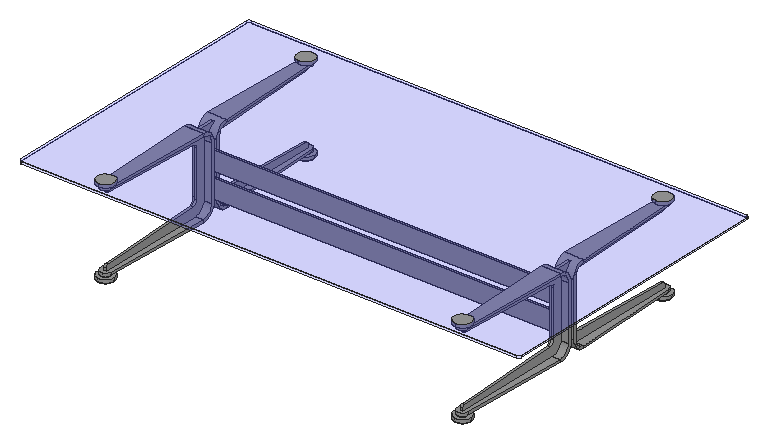
Revit family "Floyd Hi tavolino h30", category Arredi, Revit 2017
Family settings
  Numero OmniClass = 23.40.20.00
  Titolo OmniClass = General Furniture and Specialties
  Basato su piano di lavoro = No
  Sempre verticale = Sì
  Taglio con vuoti quando caricato = No
  Condiviso = No
  Punto di calcolo locali = No
Parameters (values of type "160x92")
  interasse gambe = 114 cm
  URL = "http://www.livingdivani.it"
  Modello = "Floy Hi table 160x92"
  Mat. Struttura = Acciaio - Lucido
  Produttore = "LivingDivani"
  Mat. Piano = Vetro
  Lunghezza = 160 cm
  Larghezza = 92 cm
  Codice Prodotto = "FLHV16092"
Types (5, lengths in cm): name | interasse gambe | Modello | Lunghezza | Larghezza | Codice Prodotto
  (no name) | 114 | "Floy Hi table 160x92" | 160 | 92 | "FLHV16092"
  160x160 | 79.5 | "Floyd Hi table 160x160" | 160 | 160 | "FLHV160"
  160x92 | 114 | "Floy Hi table 160x92" | 160 | 92 | "FLHV16092"
  145x145 | 79.5 | "Floyd Hi table 145x145" | 145 | 145 | "FLHV145"
  92x92 | 46 | "Floyd Hi table 92x92" | 92 | 92 | "FLHV092"
Reference planes (cm)
  plane 1 "Centro (Fronte/Retro)": y = 0
  plane 2: z = 0
  plane 3 "Centro (Sinistra/Destra)": x = 0
  plane 4 "diagonale": through (426.72, 29, 68) normal (0, 0.0613, -0.9981)
  plane 5 "gamba sx": x = -57
  plane 6 "gamba dx": x = 57
  plane 7 "sottopiano": z = 27.5
  plane 8: z = 28.3
  plane 9: z = 1.6
  plane 10: z = 1.1
  plane 11: z = 0.35
  plane 12: z = 17.5
  plane 13: z = 17
  plane 14: z = 12.3
  plane 15: z = 6.3
Forms (cm)
  Extrusion 1, solid, material "Acciaio - Lucido" <- "Mat. Struttura"
    sketch origin (0, 0, 0) x (1, 0, 0) y (0, 0, 1)
      loop
        line (-56.6, 12.3) -> (-56.6, 6.3) -> (56.6, 6.3) -> (56.6, 12.3) -> (-56.6, 12.3)
    from 0.4 to -0.4
  Extrusion 2, solid, material "Vetro" <- "Mat. Piano"
    sketch origin (0, 0, 18.3) x (0, -1, 0) y (1, 0, 0)
      loop
        arc (-46, -79) -> (-45.7071, -79.7071) -> (-45, -80) r 1
        line (-45, -80) -> (45, -80)
        arc (45, -80) -> (45.7071, -79.7071) -> (46, -79) r 1
        line (46, -79) -> (46, 79)
        arc (46, 79) -> (45.7071, 79.7071) -> (45, 80) r 1
        line (45, 80) -> (-45, 80)
        arc (-45, 80) -> (-45.7071, 79.7071) -> (-46, 79) r 1
        line (-46, 79) -> (-46, -79)
    from 10 to 9.2
  Extrusion 3, solid, material "Acciaio - Lucido" <- "Mat. Struttura"
    sketch origin (-0.15, 0, 8.0335) x (1, 0, 0) y (0, 0, 1)
      loop
        line (-56.6, 12.3) -> (-56.6, 6.3) -> (56.6, 6.3) -> (56.6, 12.3) -> (-56.6, 12.3)
    from 0.4 to -0.4
Dimensions and locks (cm)
  equal spacing: plane 5 "gamba sx", plane 3 "Centro (Sinistra/Destra)", plane 6 "gamba dx"
  "interasse gambe": plane 5 "gamba sx" to plane 6 "gamba dx"
  equal spacing: Extrusion 2 sketch curve, plane 3 "Centro (Sinistra/Destra)", Extrusion 2 sketch curve
  equal spacing: Extrusion 2 sketch curve, plane 1 "Centro (Fronte/Retro)", Extrusion 2 sketch curve
  "Lunghezza": Extrusion 2 sketch curve to Extrusion 2 sketch curve
  "Larghezza": Extrusion 2 sketch curve to Extrusion 2 sketch curve
  aligned and locked: level to plane 2
  aligned and locked: plane 5 "gamba sx" to nested 1
  aligned and locked: plane 6 "gamba dx" to nested 2
  aligned and locked: Extrusion 1 sketch curve to plane 15
  aligned and locked: plane 14 to Extrusion 1 sketch curve
  aligned and locked: nested 1 to Extrusion 1 sketch curve
  aligned and locked: nested 2 to Extrusion 1 sketch curve
  aligned and locked: Extrusion 2 to plane 8
  aligned and locked: plane 7 "sottopiano" to Extrusion 2
Automatic sketch dimensions
  plane 5 "gamba sx" to Extrusion 3 sketch curve = 0.25 cm
  Extrusion 3 sketch curve to plane 6 "gamba dx" = 0.55 cm
  plane 13 to Extrusion 3 sketch curve = 2.6665 cm
  Extrusion 3 sketch curve to plane 12 = 2.8335 cm
  Extrusion 2 sketch curve to Extrusion 2 sketch curve = 1 cm  (x4)
Nested families (cm)
  nested 1: "gamba_Floyd Hi tavolino" at (-57, 0, 0), type "gamba_Floyd Hi tavolino"
  nested 2: "gamba_Floyd Hi tavolino" at (57, 0, 0), type "gamba_Floyd Hi tavolino"
Definition of nested family "gamba_Floyd Hi tavolino"
  Parameters (values of type "gamba_Floyd Hi tavolino")
    URL = "http://www.livingdivani.it"
    Model = "Maja D Armchair"
    Mat. Tessuto = none
    Mat. Struttura = none
    Manufacturer = "LivingDivani"
    Mat. Piano = none
    Codice Prodotto = "MAJVP058C\r\nMAJVP058C\r\nMAJVP058C"
  Reference planes (cm)
    plane 1 "Centro (Fronte/Retro)": y = 0
    plane 2: z = 0
    plane 3 "Centro (Sinistra/Destra)": x = 0
    plane 4 "diagonale": through (426.72, 29, 68) normal (0, 0.0613, -0.9981)
    plane 5 "sottopiano": z = 28.3
    plane 6: z = 19.5
    plane 7: y = 40
    plane 8: y = -40
    plane 9: z = 1.6
    plane 10: z = 1.1
    plane 11: z = 0.35
    plane 12: z = 27.5
    plane 13: z = 17
    plane 14: z = 12.3
    plane 15: z = 6.3
  Forms (cm)
    Sweep 1, solid, material <- "Mat. Struttura"
      path origin (0, 0, 0) x (0, 1, 0) y (0, 0, 1)
        loop
          line (-41.75, 1.6) -> (-4.6, 1.6)
          arc (-4.6, 1.6) -> (-1.7716, 2.7716) -> (-0.6, 5.6) r 4
          line (-0.6, 5.6) -> (-0.6, 23)
          arc (-0.6, 23) -> (-1.7716, 25.8284) -> (-4.6, 27) r 4
          line (-4.6, 27) -> (-41.75, 27)
      profile origin (0, -23.175, 27) x (0, 0, -1) y (1, 0, 0)
        loop
          line (0, -3) -> (0.8, -3) -> (0.8, 3) -> (0, 3) -> (0, -3)
    Extrusion 2, solid, material <- "Mat. Struttura"
      sketch origin (0, 0, 0) x (0, 1, 0) y (0, 0, 1)
        loop
          line (-41.75, 26.2) -> (-41.75, 2.4) -> (-4.6, 2.4)
          arc (-4.6, 2.4) -> (-2.3373, 3.3373) -> (-1.4, 5.6) r 3.2
          line (-1.4, 5.6) -> (-1.4, 23)
          arc (-1.4, 23) -> (-2.3373, 25.2627) -> (-4.6, 26.2) r 3.2
          line (-4.6, 26.2) -> (-41.75, 26.2)
      from 0.4 to -0.4
    Extrusion 3, solid, material <- "Mat. Struttura"
      sketch origin (0, 0, 0) x (0, 1, 0) y (0, 0, 1)
        loop
          arc (-2.6635, 26.4615) -> (-1.1543, 24.993) -> (-0.6, 22.9615) r 4
          line (-0.6, 22.9615) -> (-0.6, 5.6)
          arc (-0.6, 5.6) -> (-1.1543, 3.5685) -> (-2.6635, 2.1) r 4
          line (-2.6635, 2.1) -> (2.6635, 2.1)
          arc (2.6635, 2.1) -> (1.1543, 3.5685) -> (0.6, 5.6) r 4
          line (0.6, 5.6) -> (0.6, 22.9615)
          arc (0.6, 22.9615) -> (1.1543, 24.993) -> (2.6635, 26.4615) r 4
          line (2.6635, 26.4615) -> (-2.6635, 26.4615)
      from 0.4 to -0.4
    Extrusion 4, void
      sketch origin (-39.7559, 1119.1113, -19.5) x (0, 1, 0) y (0, 0, 1)
        loop
          line (-1159.1113, 45.7194) -> (-1160.8613, 45.7194) -> (-1160.8613, 21.9) -> (-1159.3613, 21.9) -> (-1159.3613, 22.682)
          arc (-1159.3613, 22.682) -> (-1159.1531, 23.2006) -> (-1158.644, 23.4313) r 0.75
          line (-1158.644, 23.4313) -> (-1124.5093, 24.919)
          arc (-1124.5093, 24.919) -> (-1123.4911, 25.3803) -> (-1123.0746, 26.4176) r 1.5
          line (-1123.0746, 26.4176) -> (-1123.0746, 41.2127)
          arc (-1123.0746, 41.2127) -> (-1123.4911, 42.25) -> (-1124.5093, 42.7113) r 1.5
          line (-1124.5093, 42.7113) -> (-1158.394, 44.1881)
          arc (-1158.394, 44.1881) -> (-1158.9031, 44.4188) -> (-1159.1113, 44.9374) r 0.75
          line (-1159.1113, 44.9374) -> (-1159.1113, 45.7194)
      from 55.8243 to 23.7799
    Extrusion 5, void
      sketch origin (56.9, 263.0626, 28.3) x (0, -1, 0) y (1, 0, 0)
        loop
          arc (303.1186, -55.1509) -> (304.8071, -56.9) -> (303.1186, -58.6491) r 1.7502
          line (303.1186, -58.6491) -> (267.6626, -59.9) -> (267.6626, -63.9) -> (307.6626, -63.9) -> (307.6626, -49.9) -> (267.6626, -49.9) -> (267.6626, -53.9) -> (303.1186, -55.1509)
      from -1.3 to -26.7
    Extrusion 6, solid, material <- "Mat. Struttura"
      sketch origin (39.7559, 0, 0) x (1, 0, 0) y (0, 1, 0)
        loop
          circle (-39.7559, -40) r 2.5
      from 0.35 to 0
    Extrusion 7, solid, material <- "Mat. Struttura"
      sketch origin (39.7559, 0, 0) x (1, 0, 0) y (0, 1, 0)
        loop
          circle (-39.7559, -40) r 2.75
      from 1.1 to 0.35
    Extrusion 8, solid, material <- "Mat. Struttura"
      sketch origin (39.7559, 0, 0) x (1, 0, 0) y (0, 1, 0)
        loop
          circle (-39.7559, -40) r 1.25
      from 1.6 to 1.1
    Extrusion 9, solid, material <- "Mat. Struttura"
      sketch origin (39.7559, 0, 18.3) x (0, -1, 0) y (1, 0, 0)
        loop
          circle (40, -39.7559) r 1.25
      from 9.2 to 8.7
    Extrusion 10, solid, material <- "Mat. Struttura"
      sketch origin (39.7559, 0, 28.3) x (0, -1, 0) y (1, 0, 0)
        loop
          circle (40, -39.7559) r 2.75
      from 0 to -0.8
    Sweep 11, solid, material <- "Mat. Struttura"
      path origin (0, 0, 0) x (0, 1, 0) y (0, 0, 1)
        loop
          line (41.75, 1.6) -> (4.6, 1.6)
          arc (4.6, 1.6) -> (1.7716, 2.7716) -> (0.6, 5.6) r 4
          line (0.6, 5.6) -> (0.6, 23)
          arc (0.6, 23) -> (1.7716, 25.8284) -> (4.6, 27) r 4
          line (4.6, 27) -> (41.75, 27)
      profile origin (0, 23.175, 27) x (0, 0, 1) y (1, 0, 0)
        loop
          line (0, -3) -> (0, 3) -> (-0.8, 3) -> (-0.8, -3) -> (0, -3)
    Extrusion 12, solid, material <- "Mat. Struttura"
      sketch origin (0, 0, 0) x (0, 1, 0) y (0, 0, 1)
        loop
          line (41.75, 26.2) -> (4.6, 26.2)
          arc (4.6, 26.2) -> (2.3373, 25.2627) -> (1.4, 23) r 3.2
          line (1.4, 23) -> (1.4, 5.6)
          arc (1.4, 5.6) -> (2.3373, 3.3373) -> (4.6, 2.4) r 3.2
          line (4.6, 2.4) -> (41.75, 2.4) -> (41.75, 26.2)
      from 0.4 to -0.4
    Extrusion 13, void
      sketch origin (-39.7559, -1119.1113, -19.5) x (0, -1, 0) y (0, 0, -1)
        loop
          line (-1159.1113, -45.7) -> (-1159.1113, -44.918)
          arc (-1159.1113, -44.918) -> (-1158.9031, -44.3994) -> (-1158.394, -44.1687) r 0.75
          line (-1158.394, -44.1687) -> (-1124.5135, -42.692)
          arc (-1124.5135, -42.692) -> (-1123.4954, -42.2308) -> (-1123.0789, -41.1935) r 1.5
          line (-1123.0789, -41.1935) -> (-1123.0789, -26.4174)
          arc (-1123.0789, -26.4174) -> (-1123.4954, -25.3801) -> (-1124.5135, -24.9189) r 1.5
          line (-1124.5135, -24.9189) -> (-1158.644, -23.4313)
          arc (-1158.644, -23.4313) -> (-1159.1531, -23.2006) -> (-1159.3613, -22.682) r 0.75
          line (-1159.3613, -22.682) -> (-1159.3613, -21.9) -> (-1160.8613, -21.9) -> (-1160.8613, -45.7) -> (-1159.1113, -45.7)
      from 58.8834 to 23.7799
    Extrusion 14, solid, material <- "Mat. Struttura"
      sketch origin (39.7559, 0, 0) x (1, 0, 0) y (0, 1, 0)
        loop
          circle (-39.7559, 40) r 2.5
      from 0.35 to 0
    Extrusion 15, solid, material <- "Mat. Struttura"
      sketch origin (39.7559, 0, 0) x (1, 0, 0) y (0, 1, 0)
        loop
          circle (-39.7559, 40) r 2.75
      from 1.1 to 0.35
    Extrusion 16, solid, material <- "Mat. Struttura"
      sketch origin (39.7559, 0, 0) x (1, 0, 0) y (0, 1, 0)
        loop
          circle (-39.7559, 40) r 1.25
      from 1.6 to 1.1
    Extrusion 17, solid, material <- "Mat. Struttura"
      sketch origin (39.7559, 0, 28.3) x (0, -1, 0) y (1, 0, 0)
        loop
          circle (-40, -39.7559) r 1.25
      from -0.8 to -1.3
    Extrusion 18, solid, material <- "Mat. Struttura"
      sketch origin (39.7559, 0, 28.3) x (0, 1, 0) y (-1, 0, 0)
        loop
          circle (40, 39.7559) r 2.75
      from 0 to -0.8
    Extrusion 19, void
      sketch origin (56.9, -263.0626, 28.3) x (0, 1, 0) y (-1, 0, 0)
        loop
          line (303.1186, 55.1509) -> (267.6626, 53.9) -> (267.6626, 49.9) -> (307.6626, 49.9) -> (307.6626, 63.9) -> (267.6626, 63.9) -> (267.6626, 59.9) -> (303.1186, 58.6491)
          arc (303.1186, 58.6491) -> (304.8071, 56.9) -> (303.1186, 55.1509) r 1.7502
      from -1.3 to -26.7
  Cuts and joins
    Extrusion 4, Extrusion 5, Extrusion 13, Extrusion 19 cuts Sweep 1
    Extrusion 4, Extrusion 13 cuts Extrusion 2
    Extrusion 13, Extrusion 19 cuts Sweep 11
    Extrusion 13 cuts Extrusion 12
  Dimensions and locks (cm)
    plane 8 to plane 1 "Centro (Fronte/Retro)" to plane 7 = 40 cm, 40 cm
    aligned and locked: level to plane 2
    aligned and locked: Extrusion 6 to level
    aligned and locked: Extrusion 6 to plane 11
    aligned and locked: plane 11 to Extrusion 7
    aligned and locked: Extrusion 7 to plane 10
    aligned and locked: plane 10 to Extrusion 8
    aligned and locked: Extrusion 8 to cut or joined group of Sweep 1, Extrusion 4, Extrusion 5, Extrusion 13, Extrusion 19
    aligned and locked: Extrusion 9 to plane 12
    aligned and locked: Extrusion 10 to plane 5 "sottopiano"
    aligned and locked: plane 12 to Extrusion 10
